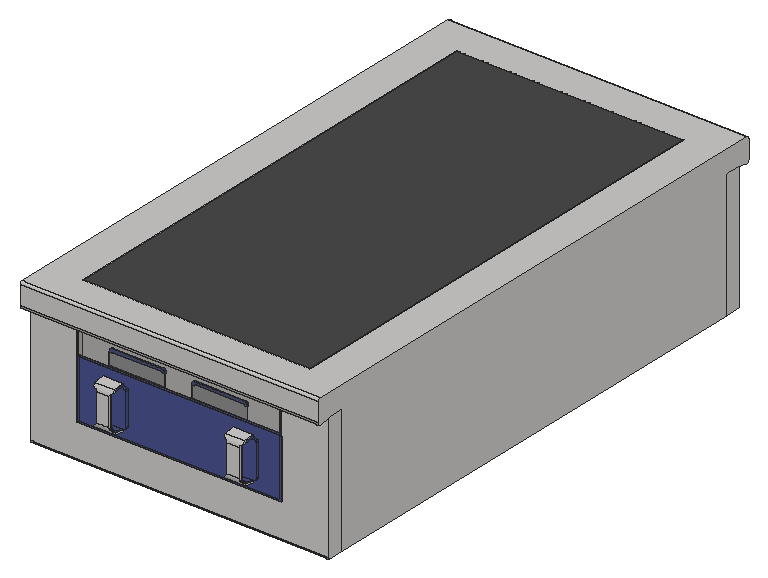
Revit family "QF_ELECTROLUXPROFESSIONAL_589015_MCCBAAEOAO", category Specialty Equipment, Revit 2018
Family settings
  Round Connector Dimension = Use Diameter
  Part Type = Normal
  Work Plane-Based = No
  Always vertical = Yes
  Cut with Voids When Loaded = No
  Shared = No
  Room Calculation Point = No
Parameters
  Weight in Pounds = 52.91
  Watts = 8000 VA  # 8000 W
  Volts = 400 V  # constant formula
  URL Cutsheet = ""
  Type Mark [instance] = ""
  Status [instance] = ""
  Specification by User [instance] = ""
  Specification by Manufacturer = ""
  Show Clearance [instance] = yes
  Serial Number = ""
  Seismic Rating = ""
  SMACNA No = ""
  Revision Code [instance] = ""
  Phase = 3  # constant formula
  Omniclass Number and Title = ""
  Number of Poles [instance] = 1
  NAFEM Spec ID Number = ""
  Model = "589015"
  Min Ckt Ampacity = 0 A
  Max Overcurrent Protection = 0 A
  Masterspec = ""
  Manufacturer = "ELECTROLUX"
  Item Number [instance] = ""
  Installed By [instance] = ""
  Identify Quantity as Lot [instance] = yes
  HP = "10.7 HP"
  Furnished By [instance] = ""
  Foodservice Equipment Identifier [instance] = yes
  FL Amps [instance] = if(Phase = 3, Watts / (Volts * 1.73), Watts / Volts)  # 11.5607 A
  Electrical Remarks = "400 V/3N ph/50/60 Hz"  # constant formula
  Electric Connection Type [instance] = ""
  Elec Conn RI Height [instance] = 0 mm
  Elec Conn Connection Height [instance] = 0 mm
  Direct Waste Size = 0"
  Description = "INFRARED TOP,2 ZONES,1-SIDE,500X900X250H"
  Cycle [instance] = if([60 Hertz Option], 60 Hz, 50 Hz)  # 60 Hz
  Conn Plug = ""
  Conn Conduit = yes
  CSI MasterFormat = ""
  CSI Master Format = ""
  Back Panel [instance] = yes
  Apparent Power [instance] = if(Phase = 3, Volts * FL Amps * 1.73, Volts * FL Amps)  # 8000 VA
  60 Hertz Option [instance] = not([50 Hertz Option])  # yes
  50 Hertz Option [instance] = no
Reference planes
  plane 1 "BACK": y = 0
  plane 2: z = 0
  plane 3 "LEFT": x = 0
  plane 4 "RIGHT": x = 500
  plane 5 "FRONT": y = -900
  plane 6 "TOP": z = 250
  plane 7: x = 250
  plane 8: y = -450
  plane 9: z = 582.185
  plane 10: x = 455
Forms (mm)
  Extrusion 1, solid, material "QF_Finishes_Stainless Steel"
    sketch origin (0, -487.128, 0) x (0, 1, 0) y (0, 0, 1)
      loop
        line (483.128, 250) -> (-408.872, 250)
        arc (-408.872, 250) -> (-411.7, 248.828) -> (-412.872, 246) r 4
        line (-412.872, 246) -> (-412.872, 214)
        arc (-412.872, 214) -> (-411.443, 210.936) -> (-408.177, 210.061) r 4
        line (-408.177, 210.061) -> (-391.509, 213) -> (-366.872, 213) -> (-366.872, 0) -> (441.128, 0) -> (441.128, 213) -> (465.765, 213) -> (482.433, 210.061)
        arc (482.433, 210.061) -> (485.699, 210.936) -> (487.128, 214) r 4
        line (487.128, 214) -> (487.128, 246)
        arc (487.128, 246) -> (485.956, 248.828) -> (483.128, 250) r 4
    from 0 to 500
  Extrusion 2, solid, material "QF_Finishes_Stainless Steel", visible <- "Back Panel"
    sketch origin (0, 0, 0) x (0, 1, 0) y (0, 0, 1)
      loop
        line (-46, 0) -> (-20, 0) -> (-20, 213) -> (-46, 213) -> (-46, 0)
    from 0 to 500
  Extrusion 3, void
    sketch origin (653.786, 44.048, 250) x (1, 0, 0) y (0, -1, 0)
      loop
        line (-593.786, 104.048) -> (-213.786, 104.048) -> (-213.786, 887.779) -> (-593.786, 887.779) -> (-593.786, 104.048)
    from 0 to 37
  Extrusion 4, solid, material "QF_Finishes_Stainless Steel"
    sketch origin (0, -854, 0) x (1, 0, 0) y (0, -1, 0)
      loop
        circle (455, -169) r 6.35
    from 0 to 3.2
  Extrusion 5, solid, material "QF_Finishes_Black"
    sketch origin (653.786, 44.048, 213) x (1, 0, 0) y (0, 1, 0)
      loop
        line (-593.786, -887.779) -> (-213.786, -887.779) -> (-213.786, -104.048) -> (-593.786, -104.048) -> (-593.786, -887.779)
    from 0 to 37
Cuts and joins
  Extrusion 3 cuts Extrusion 1
Lines and regions (mm)
  symbolic lines
    curve 1: line (0, 0, 0) -> (500, 0, 0)
    curve 2: line (0, -900, 0) -> (0, 0, 0)
    curve 3: line (500, -900, 0) -> (0, -900, 0)
    curve 4: line (500, 0, 0) -> (500, -900, 0)
    curve 5: line (440, -843.73, 0) -> (440, -60, 0)
    curve 6: line (440, -60, 0) -> (60, -60, 0)
    curve 7: line (60, -60, 0) -> (60, -843.73, 0)
    curve 8: line (60, -843.73, 0) -> (440, -843.73, 0)
    curve 9: line (124.883, -902.326, 0) -> (124.883, -900, 0)
    curve 10: spline (130.551, -903.73, 0) -> (130.073, -903.657, 0) -> (129.595, -903.575, 0) -> (129.118, -903.486, 0) -> (128.642, -903.389, 0) -> (128.167, -903.283, 0) -> (127.693, -903.17, 0) -> (127.221, -903.049, 0) -> (126.75, -902.92, 0) -> (126.281, -902.783, 0) -> (125.813, -902.638, 0) -> (125.347, -902.486, 0) -> (124.883, -902.326, 0)
    curve 11: line (157.098, -902.326, 0) -> (157.098, -900, 0)
    curve 12: spline (157.098, -902.326, 0) -> (156.634, -902.486, 0) -> (156.168, -902.638, 0) -> (155.7, -902.783, 0) -> (155.231, -902.92, 0) -> (154.76, -903.049, 0) -> (154.287, -903.17, 0) -> (153.814, -903.283, 0) -> (153.339, -903.389, 0) -> (152.863, -903.486, 0) -> (152.386, -903.575, 0) -> (151.908, -903.657, 0) -> (151.429, -903.73, 0)
    curve 13: line (130.551, -903.73, 0) -> (151.429, -903.73, 0)
    curve 14: line (375.117, -902.326, 0) -> (375.117, -900, 0)
    curve 15: spline (369.449, -903.73, 0) -> (369.927, -903.657, 0) -> (370.405, -903.575, 0) -> (370.882, -903.486, 0) -> (371.358, -903.389, 0) -> (371.833, -903.283, 0) -> (372.307, -903.17, 0) -> (372.779, -903.049, 0) -> (373.25, -902.92, 0) -> (373.719, -902.783, 0) -> (374.187, -902.638, 0) -> (374.653, -902.486, 0) -> (375.117, -902.326, 0)
    curve 16: line (342.902, -902.326, 0) -> (342.902, -900, 0)
    curve 17: spline (342.902, -902.326, 0) -> (343.366, -902.486, 0) -> (343.832, -902.638, 0) -> (344.3, -902.783, 0) -> (344.769, -902.92, 0) -> (345.24, -903.049, 0) -> (345.713, -903.17, 0) -> (346.186, -903.283, 0) -> (346.661, -903.389, 0) -> (347.137, -903.486, 0) -> (347.614, -903.575, 0) -> (348.092, -903.657, 0) -> (348.571, -903.73, 0)
    curve 18: line (369.449, -903.73, 0) -> (348.571, -903.73, 0)
Dimensions and locks
  plane 3 "LEFT" to plane 4 "RIGHT" = 500 mm
  plane 5 "FRONT" to plane 1 "BACK" = 900 mm
  equal spacing: plane 3 "LEFT", plane 7, plane 4 "RIGHT"
  equal spacing: plane 5 "FRONT", plane 8, plane 1 "BACK"
  plane 6 "TOP" to level = 250 mm  (x2)
  plane 1 "BACK" to plane 5 "FRONT" = 900 mm
  Extrusion 4 sketch curve to plane 1 "BACK" = 685 mm
  Extrusion 4 sketch curve to plane 4 "RIGHT" = 45 mm
  plane 1 "BACK" to Extrusion 4 = 685 mm
  plane 10 to plane 4 "RIGHT" = 45 mm
  aligned and locked: level to plane 2
  aligned and locked: cut or joined group of Extrusion 1, Extrusion 3 to plane 4 "RIGHT"
  aligned and locked: Extrusion 2 to plane 4 "RIGHT"
  aligned and locked: plane 7 to nested 1
Automatic sketch dimensions
  Extrusion 2 sketch curve to Extrusion 2 sketch curve = 26 mm
  plane 1 "BACK" to Extrusion 2 sketch curve = 20 mm
  Extrusion 1 sketch curve to plane 5 "FRONT" = 0 mm
  Extrusion 1 sketch curve to plane 6 "TOP" = 0 mm
  Extrusion 1 sketch curve to level = 0 mm
  Extrusion 1 sketch curve to plane 1 "BACK" = 0 mm
  Extrusion 1 sketch curve to plane 6 "TOP" = 37 mm  (x2)
  Extrusion 1 sketch curve to plane 5 "FRONT" = 4 mm
  Extrusion 1 sketch curve to plane 5 "FRONT" = 21.363 mm
  Extrusion 1 sketch curve to plane 5 "FRONT" = 46 mm
  plane 1 "BACK" to Extrusion 1 sketch curve = 21.363 mm
  plane 1 "BACK" to Extrusion 1 sketch curve = 4 mm  (x2)
  Extrusion 1 sketch curve to Extrusion 1 sketch curve = 4 mm
  Extrusion 1 sketch curve to Extrusion 1 sketch curve = 0.695 mm
  Extrusion 1 sketch curve to Extrusion 1 sketch curve = 0 mm  (x4)
  plane 1 "BACK" to Extrusion 1 sketch curve = 4.695 mm
  Extrusion 1 sketch curve to Extrusion 1 sketch curve = 1 mm  (x2)
  plane 1 "BACK" to Extrusion 1 sketch curve = 46 mm
  plane 1 "BACK" to curve 1 = 0 mm
  curve 1 to plane 4 "RIGHT" = 0 mm
  curve 1 to plane 3 "LEFT" = 0 mm
  plane 5 "FRONT" to curve 3 = 0 mm
  plane 4 "RIGHT" to curve 5 = 60 mm
  plane 5 "FRONT" to curve 14 = 2.326 mm
  curve 5 to curve 14 = 64.883 mm
  plane 5 "FRONT" to curve 18 = 3.73 mm
  curve 14 to curve 18 = 5.669 mm
  curve 18 to curve 18 = 20.878 mm
  plane 5 "FRONT" to curve 16 = 2.326 mm
  curve 18 to curve 16 = 5.669 mm
  plane 5 "FRONT" to curve 11 = 2.326 mm
  curve 11 to plane 7 = 92.902 mm
  plane 5 "FRONT" to curve 13 = 3.73 mm
  curve 11 to curve 13 = 5.669 mm
  curve 13 to curve 13 = 20.878 mm
  plane 5 "FRONT" to curve 9 = 2.326 mm
  curve 10 to curve 9 = 5.669 mm
  plane 3 "LEFT" to curve 7 = 60 mm
  curve 14 to curve 15 = 9.839 mm
  curve 15 to curve 17 = 12.538 mm
  plane 5 "FRONT" to curve 12 = 4.032 mm
  curve 13 to curve 12 = 4.17 mm
  curve 12 to curve 10 = 12.538 mm
  plane 1 "BACK" to curve 7 = 60 mm
  curve 8 to plane 5 "FRONT" = 56.27 mm
  curve 10 to curve 12 = 0 mm
  curve 15 to plane 5 "FRONT" = 39.101 mm
  curve 17 to curve 15 = 0 mm
  Extrusion 1 to Extrusion 3 sketch curve = 60 mm  (x2)
  Extrusion 1 to Extrusion 3 sketch curve = 52.27 mm
  Extrusion 1 to Extrusion 3 sketch curve = 56 mm
  Extrusion 5 sketch curve to Extrusion 3 = 0 mm  (x3)
  Extrusion 3 to Extrusion 5 sketch curve = 0 mm
  Extrusion 2 sketch curve to level = 0 mm
  Extrusion 2 sketch curve to plane 6 "TOP" = 37 mm
  radius of Extrusion 4 sketch curve = 6.35 mm
Nested families
  nested 1: "IDT_900_500 mm Double Control Front Panel" at (252.376, -854, -650), type "IDT_900_500 mm Double Control Front Panel"
Connectors
  electrical at (455, -685, -3.2), driven by "Volts", driven by "Watts"
    settings: on Extrusion 4, index 1, voltage 400 V, apparent load 8000 VA, apparent load phase1 0 VA, apparent load phase2 0 VA, apparent load phase3 0 VA, power factor 1, load classification "Other", number of poles 1, system type 30, power factor state 1, is connector primary yes, connector utility no, sub classification motor no, connector description "ELECTRICAL CONNECTION"
Definition of nested family "IDT_900_500 mm Double Control Front Panel"
  Parameters
    Length = 500 mm
  Reference planes
    plane 1 "Center (Front/Back)": y = 0
    plane 2: z = 0
    plane 3 "Center (Left/Right)": x = -2.376
    plane 4: x = -252.376
    plane 5: x = 247.624
  Forms (mm)
    Extrusion 1, solid
      sketch origin (833.217, 829.203, -1.25) x (0, 1, 0) y (0, 0, 1)
        loop
          arc (-854.203, 654.25) -> (-853.324, 652.129) -> (-851.203, 651.25) r 3
          line (-851.203, 651.25) -> (-829.203, 651.25) -> (-829.203, 864.25) -> (-854.203, 864.25) -> (-854.203, 654.25)
      from -1085.593 to -585.593
    Extrusion 2, void
      sketch origin (33.217, 829.203, -1.25) x (1, 0, 0) y (0, 0, 1)
        loop
          line (-207.593, 852.364) -> (-207.593, 710.364) -> (136.407, 710.364) -> (136.407, 852.364) -> (-207.593, 852.364)
      from 843.409 to 854.203
  Cuts and joins
    Extrusion 2 cuts Extrusion 1
  Dimensions and locks
    equal spacing: plane 5, plane 3 "Center (Left/Right)", plane 4
    "Length": plane 5 to plane 4
    locked: nested 2 to plane 4 at 117.396
    locked: plane 5 to nested 1 at 117
    locked: nested 2 to plane 4 at 141.217
    locked: plane 5 to nested 1 at 140.821
    aligned and locked: cut or joined group of Extrusion 1, Extrusion 2 to plane 4
    aligned and locked: plane 5 to cut or joined group of Extrusion 1, Extrusion 2
    aligned and locked: plane 3 "Center (Left/Right)" to nested 3
  Automatic sketch dimensions
    Extrusion 1 sketch curve to plane 1 "Center (Front/Back)" = 0 mm
    plane 1 "Center (Front/Back)" to Extrusion 1 sketch curve = 22 mm
    Extrusion 1 sketch curve to Extrusion 1 sketch curve = 3 mm
    level to Extrusion 1 sketch curve = 650 mm
    Extrusion 1 sketch curve to Extrusion 1 sketch curve = 210 mm
    plane 4 to Extrusion 2 sketch curve = 78 mm
    Extrusion 2 sketch curve to plane 5 = 78 mm
    level to Extrusion 2 sketch curve = 709.114 mm
    Extrusion 2 sketch curve to Extrusion 2 sketch curve = 142 mm
  Nested families
    nested 1: "Range Control Handle" at (106.804, -28.137, -209.113), type "Range Control Handle"
    nested 2: "Range Control Handle" at (-111.159, -28.137, -209.113) x (-1, 0, 0) z (0, 0, 1), type "Range Control Handle"
    nested 3: "glass conrol panel One Right Side" at (-2.376, 278.697, 0), type "glass conrol panel One Right Side"
  Definition of nested family "Range Control Handle"
    Reference planes
      plane 1 "Center (Front/Back)": y = 0
      plane 2: z = 0
      plane 3 "Center (Left/Right)": x = 0
      plane 4: z = 971.092
    Forms (mm)
      Extrusion 1, solid
        sketch origin (-746.28, 380.497, 208.931) x (-1, 0, 0) y (0, 0, 1)
          loop
            line (-770.101, 786.798) -> (-770.101, 731.649)
            arc (-770.101, 731.649) -> (-769.759, 730.563) -> (-768.855, 729.87) r 1.893
            line (-768.855, 729.87) -> (-763.474, 727.911) -> (-729.81, 727.911) -> (-724.428, 729.87)
            arc (-724.428, 729.87) -> (-723.525, 730.563) -> (-723.183, 731.649) r 1.893
            line (-723.183, 731.649) -> (-723.183, 786.798)
            arc (-723.183, 786.798) -> (-723.529, 787.894) -> (-724.44, 788.593) r 1.91
            line (-724.44, 788.593) -> (-729.683, 790.819) -> (-763.601, 790.819) -> (-768.844, 788.593)
            arc (-768.844, 788.593) -> (-769.755, 787.894) -> (-770.101, 786.798) r 1.91
        from -382.35 to -378.852
      Sweep 2, solid
        path origin (-746.788, 380.496, 208.091) x (0, -1, 0) y (0, 0, 1)
          loop
            line (379.775, 793.281) -> (395.661, 791.048)
            arc (395.661, 791.048) -> (397.781, 787.377) -> (398.517, 783.202) r 12.207
            line (398.517, 783.202) -> (398.517, 737.368)
            arc (398.517, 737.368) -> (397.781, 733.193) -> (395.661, 729.522) r 12.207
            line (395.661, 729.522) -> (379.775, 727.289)
        profile origin (-746.788, -7.222, 1000.256) x (0, -0.139173, 0.990268) y (-1, 0, 0)
          loop
            line (0.782, -763.123) -> (0.782, -730.907) -> (-1.322, -730.907) -> (-1.322, -763.123) -> (0.782, -763.123)
      Sweep 3, solid
        path origin (-746.788, 380.715, 207.832) x (0, -1, 0) y (0, 0, 1)
          loop
            line (380.478, 795.442) -> (397.218, 793.09)
            arc (397.218, 793.09) -> (399.929, 788.473) -> (400.871, 783.202) r 15.207
            line (400.871, 783.202) -> (400.871, 737.584)
            arc (400.871, 737.584) -> (399.914, 732.274) -> (397.164, 727.633) r 15.207
            line (397.164, 727.633) -> (380.601, 725.305)
        profile origin (-746.788, -8.132, 1002.099) x (0, -0.139173, 0.990268) y (-1, 0, 0)
          loop
            line (0.782, -763.123) -> (0.782, -730.907) -> (-1.322, -730.907) -> (-1.322, -763.123) -> (0.782, -763.123)
      Extrusion 4, void
        sketch origin (889.253, 220.666, 207.993) x (1, 0, 0) y (0, 0, 1)
          loop
            line (-943.038, 816.854) -> (-943.038, 703.686) -> (-899.466, 734.196) -> (-899.466, 786.344) -> (-943.038, 816.854)
        from 230.636 to 242.25
      Extrusion 5, void
        sketch origin (-888.8, 220.666, 207.993) x (-1, 0, 0) y (0, 0, -1)
          loop
            line (-943.038, -816.854) -> (-899.466, -786.344) -> (-899.466, -734.196) -> (-943.038, -703.686) -> (-943.038, -816.854)
        from 230.636 to 242.25
      Extrusion 6, solid
        sketch origin (0, 0, 0) x (1, 0, 0) y (0, 0, 1)
          loop
            circle (0, 971.092) r 7.736
        from -3.137 to -1.645
    Cuts and joins
      Extrusion 4, Extrusion 5 cuts Sweep 3
      Extrusion 4, Extrusion 5 cuts Sweep 2
      joined: Extrusion 1, Extrusion 6
    Lines and regions (mm)
      symbolic lines
        curve 1: line (23.821, 1.645, 0) -> (-23.097, 1.645, 0)
        curve 2: line (16.334, -1.853, 0) -> (23.821, -1.853, 0)
        curve 3: line (-15.881, -19.189, 0) -> (-15.881, -1.853, 0)
        curve 4: line (-23.097, -1.853, 0) -> (-15.881, -1.853, 0)
        curve 5: line (16.334, -19.189, 0) -> (16.334, -1.853, 0)
        curve 6: spline (-15.881, -19.189, 0) -> (-15.417, -19.349, 0) -> (-14.951, -19.501, 0) -> (-14.483, -19.646, 0) -> (-14.014, -19.783, 0) -> (-13.543, -19.912, 0) -> (-13.071, -20.033, 0) -> (-12.597, -20.146, 0) -> (-12.122, -20.251, 0) -> (-11.646, -20.349, 0) -> (-11.169, -20.438, 0) -> (-10.691, -20.52, 0) -> (-10.213, -20.593, 0)
        curve 7: spline (10.666, -20.593, 0) -> (11.144, -20.52, 0) -> (11.622, -20.438, 0) -> (12.099, -20.349, 0) -> (12.575, -20.251, 0) -> (13.05, -20.146, 0) -> (13.524, -20.033, 0) -> (13.996, -19.912, 0) -> (14.467, -19.783, 0) -> (14.936, -19.646, 0) -> (15.404, -19.501, 0) -> (15.87, -19.349, 0) -> (16.334, -19.189, 0)
        curve 8: line (-10.213, -20.938, 0) -> (10.716, -20.938, 0)
        curve 9: line (-23.097, 1.645, 0) -> (-23.097, -1.853, 0)
        curve 10: line (23.821, 1.645, 0) -> (23.821, -1.853, 0)
  Definition of nested family "glass conrol panel One Right Side"
    Reference planes
      plane 1 "Center (Front/Back)": y = 0
      plane 2: z = 0
      plane 3 "Center (Left/Right)": x = 0
    Forms (mm)
      Extrusion 1, solid
        sketch origin (378.286, 0, 0.617) x (1, 0, 0) y (0, 0, 1)
          loop
            line (-550.286, 806.791) -> (-550.286, 708.497) -> (-206.286, 708.497) -> (-206.286, 806.791) -> (-550.286, 806.791)
        from 300.031 to 304.8
      Extrusion 2, solid
        sketch origin (378.286, 0, 0.617) x (1, 0, 0) y (0, 0, 1)
          loop
            line (-550.286, 850.497) -> (-550.286, 806.791) -> (-206.286, 806.791) -> (-206.286, 850.497) -> (-550.286, 850.497)
        from 300.031 to 304.8
      Extrusion 3, void
        sketch origin (378.286, 0, 0.617) x (1, 0, 0) y (0, 0, 1)
          loop
            line (-547.628, 847.565) -> (-547.628, 710.699) -> (-209.196, 710.699) -> (-209.196, 847.565) -> (-547.628, 847.565)
        from 303.697 to 304.8
      Extrusion 4, solid
        sketch origin (377.536, 1.101, -0.633) x (1, 0, 0) y (0, 0, 1)
          loop
            line (-261.431, 812.62) -> (-261.431, 834.177) -> (-266.24, 834.177) -> (-268.039, 835.977) -> (-348.469, 835.977) -> (-350.269, 834.177) -> (-355.186, 834.177) -> (-355.186, 812.62) -> (-261.431, 812.62)
        from 304.798 to 306.745
      Extrusion 5, solid
        sketch origin (377.536, 1.101, -0.633) x (1, 0, 0) y (0, 0, 1)
          loop
            line (-350.269, 834.177) -> (-348.469, 835.977) -> (-268.039, 835.977) -> (-266.24, 834.177) -> (-261.529, 834.177)
            arc (-261.529, 834.177) -> (-262.706, 838.752) -> (-266.98, 840.763) r 5.549
            line (-266.98, 840.763) -> (-349.686, 840.763)
            arc (-349.686, 840.763) -> (-353.942, 838.747) -> (-355.078, 834.177) r 5.5
            line (-355.078, 834.177) -> (-350.269, 834.177)
        from 304.798 to 306.745
      Extrusion 6, solid
        sketch origin (-377.536, 1.101, -0.633) x (-1, 0, 0) y (0, 0, -1)
          loop
            line (-261.431, -812.62) -> (-355.186, -812.62) -> (-355.186, -834.177) -> (-350.269, -834.177) -> (-348.469, -835.977) -> (-268.039, -835.977) -> (-266.24, -834.177) -> (-261.431, -834.177) -> (-261.431, -812.62)
        from 304.798 to 306.745
      Extrusion 7, solid
        sketch origin (-377.536, 1.101, -0.633) x (-1, 0, 0) y (0, 0, -1)
          loop
            line (-350.269, -834.177) -> (-355.078, -834.177)
            arc (-355.078, -834.177) -> (-353.942, -838.747) -> (-349.686, -840.763) r 5.5
            line (-349.686, -840.763) -> (-266.98, -840.763)
            arc (-266.98, -840.763) -> (-262.706, -838.752) -> (-261.529, -834.177) r 5.549
            line (-261.529, -834.177) -> (-266.24, -834.177) -> (-268.039, -835.977) -> (-348.469, -835.977) -> (-350.269, -834.177)
        from 304.798 to 306.745
    Cuts and joins
      Extrusion 3 cuts Extrusion 1
      Extrusion 3 cuts Extrusion 2
      Extrusion 3 cuts Extrusion 4
      Extrusion 3 cuts Extrusion 5
    Dimensions and locks
      aligned and locked: Extrusion 1 to Extrusion 2
      aligned and locked: Extrusion 5 sketch curve to Extrusion 4  (x4)
      aligned and locked: Extrusion 4 to Extrusion 5 sketch curve
      aligned and locked: Extrusion 5 to Extrusion 4
      aligned and locked: Extrusion 7 sketch curve to Extrusion 6  (x5)
      aligned and locked: Extrusion 7 to Extrusion 6
